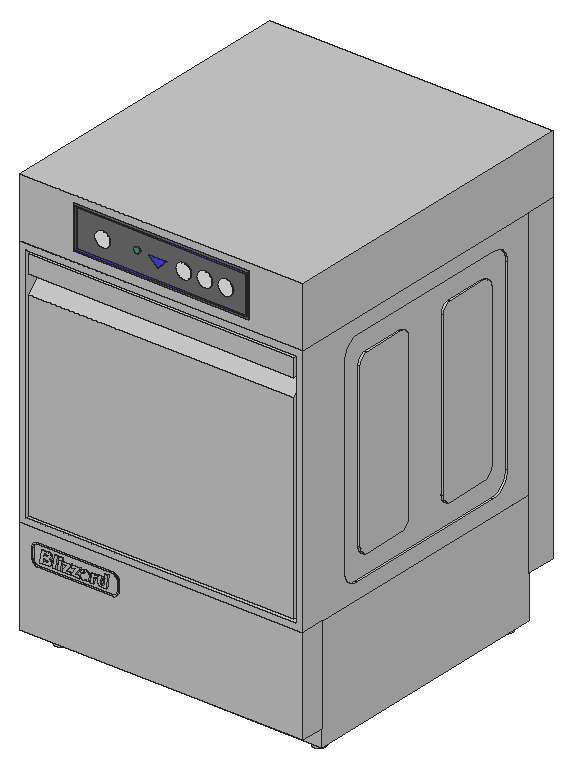
Revit family "QF_BLIZZARD_STORM40", category Specialty Equipment, Revit 2016
Family settings
  Part Type = Normal
  Round Connector Dimension = Use Diameter
  OmniClass Number = 23.40.40.14.31
  OmniClass Title = Cleaning and Disposal Equipment
  Work Plane-Based = No
  Always vertical = Yes
  Cut with Voids When Loaded = No
  Shared = No
  Room Calculation Point = No
Parameters (values of type "STORM40")
  URL = "www.blizzardequipment.com"
  Show Logo [instance] = yes
  Show Clearance [instance] = yes
  Model = "STORM40"
  Manufacturer = "BLIZZARD"
  Legs height [instance] = 170 mm
  Description = "STORM GLASSWASHER 400X400MM"
  Assembly Code = "E1090320"
Reference planes
  plane 1 "Back": y = 0
  plane 2: z = 0
  plane 3 "Left": x = 0
  plane 4 "Right": x = 470
  plane 5 "Front": y = -520
  plane 6 "Top": z = 720
Forms (mm)
  Extrusion 1, solid
    sketch origin (50, 687.394, 40) x (0, -1, 0) y (0, 0, 1)
      loop
        line (687.394, 580.013) -> (687.394, 42.551) -> (737.394, 42.551) -> (737.394, 580.013) -> (687.394, 580.013)
    from -420 to 50
  Extrusion 2, solid
    sketch origin (50, 577.394, 45) x (0, -1, 0) y (0, 0, 1)
      loop
        line (577.394, 675) -> (577.394, 575.013) -> (1097.394, 575.013) -> (1097.394, 675) -> (577.394, 675)
    from -420 to 50
  Extrusion 3, solid
    sketch origin (50, 577.394, -370) x (0, -1, 0) y (0, 0, 1)
      loop
        line (627.394, 570) -> (627.394, 381.179) -> (1057.394, 381.179) -> (1057.394, 570) -> (627.394, 570)
    from -420 to 50
  Extrusion 4, solid
    sketch origin (5.431, 66.549, -127.332) x (0, 1, 0) y (0, 0, 1)
      loop
        line (-193.549, 402.332) -> (-193.549, 672.345)
        arc (-193.549, 672.345) -> (-197.942, 682.952) -> (-208.549, 687.345) r 15
        line (-208.549, 687.345) -> (-278.549, 687.345)
        arc (-278.549, 687.345) -> (-289.155, 682.952) -> (-293.549, 672.345) r 15
        line (-293.549, 672.345) -> (-293.549, 402.332)
        arc (-293.549, 402.332) -> (-289.155, 391.725) -> (-278.549, 387.332) r 15
        line (-278.549, 387.332) -> (-208.549, 387.332)
        arc (-208.549, 387.332) -> (-197.942, 391.725) -> (-193.549, 402.332) r 15
      loop
        line (-366.549, 402.332) -> (-366.549, 672.345)
        arc (-366.549, 672.345) -> (-370.942, 682.952) -> (-381.549, 687.345) r 15
        line (-381.549, 687.345) -> (-451.549, 687.345)
        arc (-451.549, 687.345) -> (-462.155, 682.952) -> (-466.549, 672.345) r 15
        line (-466.549, 672.345) -> (-466.549, 402.332)
        arc (-466.549, 402.332) -> (-462.155, 391.725) -> (-451.549, 387.332) r 15
        line (-451.549, 387.332) -> (-381.549, 387.332)
        arc (-381.549, 387.332) -> (-370.942, 391.725) -> (-366.549, 402.332) r 15
    from -5.431 to -0.431
  Extrusion 5, solid
    sketch origin (464.569, 66.549, -130) x (0, 1, 0) y (0, 0, -1)
      loop
        arc (-193.549, -405) -> (-197.942, -394.393) -> (-208.549, -390) r 15
        line (-208.549, -390) -> (-278.549, -390)
        arc (-278.549, -390) -> (-289.155, -394.393) -> (-293.549, -405) r 15
        line (-293.549, -405) -> (-293.549, -675.013)
        arc (-293.549, -675.013) -> (-289.155, -685.62) -> (-278.549, -690.013) r 15
        line (-278.549, -690.013) -> (-208.549, -690.013)
        arc (-208.549, -690.013) -> (-197.942, -685.62) -> (-193.549, -675.013) r 15
        line (-193.549, -675.013) -> (-193.549, -405)
      loop
        arc (-366.549, -405) -> (-370.942, -394.393) -> (-381.549, -390) r 15
        line (-381.549, -390) -> (-451.549, -390)
        arc (-451.549, -390) -> (-462.155, -394.393) -> (-466.549, -405) r 15
        line (-466.549, -405) -> (-466.549, -675.013)
        arc (-466.549, -675.013) -> (-462.155, -685.62) -> (-451.549, -690.013) r 15
        line (-451.549, -690.013) -> (-381.549, -690.013)
        arc (-381.549, -690.013) -> (-370.942, -685.62) -> (-366.549, -675.013) r 15
        line (-366.549, -675.013) -> (-366.549, -405)
    from -5.431 to -0.431
  Extrusion 6, solid
    sketch origin (0, 0, -130) x (1, 0, 0) y (0, 0, 1)
      loop
        line (0, 750.013) -> (0, 330) -> (470, 330) -> (470, 750.013) -> (0, 750.013)
      loop
        line (10, 740.013) -> (10, 340) -> (460, 340) -> (460, 740.013) -> (10, 740.013)
    from 50 to 520
  Extrusion 7, solid
    sketch origin (0, 100, -135) x (0, 1, 0) y (0, 0, 1)
      loop
        line (-620, 710.013) -> (-610.417, 710.013) -> (-610.417, 728.455) -> (-590.417, 728.455) -> (-590.417, 709.243) -> (-620, 679.66) -> (-620, 350) -> (-580, 350) -> (-580, 740.013) -> (-620, 740.013) -> (-620, 710.013)
    from 15 to 455
  Extrusion 8, solid
    sketch origin (0, 100, 40) x (0, 1, 0) y (0, 0, 1)
      loop
        line (-580, 160) -> (-620, 160) -> (-620, 0) -> (-580, 0) -> (-580, 160)
    from 0 to 470
  Extrusion 9, solid
    sketch origin (0, -335, -130) x (0, 1, 0) y (0, 0, 1)
      loop
        line (-135, 740.013) -> (-145, 740.013) -> (-145, 340) -> (-135, 340) -> (-135, 740.013)
    from 10 to 460
  Extrusion 10, solid
    sketch origin (-164.268, -519.5, -121.974) x (-1, 0, 0) y (0, 0, 1)
      loop
        line (-545, 830) -> (-545, 757.559) -> (-253.536, 757.559) -> (-253.536, 830) -> (-545, 830)
    from -1 to 1
  Extrusion 11, solid, visible <- "Show Logo"
    sketch origin (-177.291, -519.5, -632.856) x (-1, 0, 0) y (0, 0, 1)
      loop
        line (-207.755, 812.856) -> (-331.271, 812.856)
        arc (-331.271, 812.856) -> (-338.67, 809.791) -> (-341.735, 802.392) r 10.464
        line (-341.735, 802.392) -> (-341.735, 787.392)
        arc (-341.735, 787.392) -> (-338.67, 779.993) -> (-331.271, 776.928) r 10.464
        line (-331.271, 776.928) -> (-207.755, 776.928)
        arc (-207.755, 776.928) -> (-200.356, 779.993) -> (-197.291, 787.392) r 10.464
        line (-197.291, 787.392) -> (-197.291, 802.392)
        arc (-197.291, 802.392) -> (-200.356, 809.791) -> (-207.755, 812.856) r 10.464
      loop
        line (-207.755, 810.856) -> (-331.271, 810.856)
        arc (-331.271, 810.856) -> (-337.256, 808.377) -> (-339.735, 802.392) r 8.464
        line (-339.735, 802.392) -> (-339.735, 787.392)
        arc (-339.735, 787.392) -> (-337.256, 781.407) -> (-331.271, 778.928) r 8.464
        line (-331.271, 778.928) -> (-207.755, 778.928)
        arc (-207.755, 778.928) -> (-201.77, 781.407) -> (-199.291, 787.392) r 8.464
        line (-199.291, 787.392) -> (-199.291, 802.392)
        arc (-199.291, 802.392) -> (-201.77, 808.377) -> (-207.755, 810.856) r 8.464
    from -1 to 1
  Extrusion 12, solid, visible <- "Show Logo"
    sketch origin (3.606, 101, -76.918) x (1, 0, 0) y (0, 0, 1)
      loop
        line (30.587, 228.481) -> (44.749, 228.857)
        arc (44.749, 228.857) -> (49.768, 233.478) -> (47.063, 239.741) r 5.894
        arc (47.063, 239.741) -> (48.729, 246.617) -> (42.285, 249.538) r 5.547
        line (42.285, 249.538) -> (33.172, 249.538) -> (30.587, 228.481)
      loop
        line (36.658, 232.978) -> (42.704, 232.978)
        arc (42.704, 232.978) -> (44.625, 234.898) -> (42.704, 236.819) r 1.921
        line (42.704, 236.819) -> (37.13, 236.819) -> (36.658, 232.978)
      loop
        line (37.256, 241.423) -> (42.802, 241.423)
        arc (42.802, 241.423) -> (44.723, 243.344) -> (42.802, 245.264) r 1.921
        line (42.802, 245.264) -> (37.728, 245.264) -> (37.256, 241.423)
      loop
        line (52.105, 228.421) -> (57.105, 228.421) -> (59.698, 249.538) -> (54.698, 249.538) -> (52.105, 228.421)
      loop
        line (60, 228.421) -> (65, 228.421) -> (66.892, 243.832) -> (61.892, 243.832) -> (60, 228.421)
      loop
        line (61.983, 244.575) -> (67.494, 244.575) -> (68.103, 249.538) -> (62.593, 249.538) -> (61.983, 244.575)
      loop
        line (68.784, 239.859) -> (74.946, 239.859) -> (67.947, 231.215) -> (67.947, 228.421) -> (81.379, 228.421) -> (81.379, 232.273) -> (75.019, 232.273) -> (82.004, 240.899) -> (82.004, 243.832) -> (69.272, 243.832) -> (68.784, 239.859)
      loop
        line (83.284, 239.859) -> (89.446, 239.859) -> (82.447, 231.215) -> (82.447, 228.421) -> (95.879, 228.421) -> (95.879, 232.273) -> (89.519, 232.273) -> (96.504, 240.899) -> (96.504, 243.832) -> (83.772, 243.832) -> (83.284, 239.859)
      loop
        arc (103.395, 238.896) -> (105.439, 241.195) -> (106.867, 238.469) r 1.87
        line (106.867, 238.469) -> (101.835, 237.44)
        arc (101.835, 237.44) -> (98.76, 230.604) -> (106.218, 229.849) r 4.62
        line (106.218, 229.849) -> (107.645, 228.421) -> (112.645, 228.421) -> (111.375, 230.622) -> (112.465, 239.505)
        arc (112.465, 239.505) -> (105.449, 244.583) -> (98.432, 239.505) r 7.387
        line (98.432, 239.505) -> (103.395, 238.896)
      loop
        line (114.231, 228.421) -> (119.218, 228.421) -> (120.249, 236.819)
        arc (120.249, 236.819) -> (122.276, 239.388) -> (125.515, 239.859) r 4.419
        line (125.515, 239.859) -> (126.961, 243.832) -> (123.41, 243.832) -> (121.123, 242.512) -> (121.123, 243.832) -> (116.123, 243.832) -> (114.231, 228.421)
      loop
        arc (137.816, 242.746) -> (125.76, 237.684) -> (136.057, 229.626) r 7.581
        line (136.057, 229.626) -> (136.057, 228.421) -> (141.057, 228.421) -> (143.65, 249.538) -> (138.65, 249.538) -> (137.816, 242.746)
      loop
        spline (133.323, 232.229) -> (134.09, 232.277) -> (134.838, 232.6) -> (135.517, 233.178) -> (136.081, 233.97) -> (136.492, 234.924) -> (136.72, 235.972) -> (136.752, 237.045) -> (136.584, 238.069) -> (136.229, 238.975) -> (135.709, 239.7) -> (135.062, 240.195) -> (134.33, 240.426)
        spline (134.33, 240.426) -> (133.564, 240.379) -> (132.816, 240.055) -> (132.136, 239.477) -> (131.572, 238.685) -> (131.162, 237.732) -> (130.933, 236.683) -> (130.901, 235.61) -> (131.069, 234.586) -> (131.425, 233.681) -> (131.944, 232.956) -> (132.592, 232.46) -> (133.323, 232.229)
    from 620 to 622
  Extrusion 13, solid, visible <- "Show Clearance", detail levels coarse
    sketch origin (0, -335, -170) x (0, 1, 0) y (0, 0, 1)
      loop
        line (-185, 385) -> (-185, 775.013)
        arc (-185, 775.013) -> (-460.781, 660.781) -> (-575.013, 385) r 390.013
        line (-575.013, 385) -> (-185, 385)
    from 15 to 455
  Extrusion 14, solid
    sketch origin (-17.519, 129.541, 0) x (1, 0, 0) y (0, 1, 0)
      loop
        circle (37.519, -589.541) r 5
    from 5.109 to 11.179
  Extrusion 15, solid
    sketch origin (-17.519, 129.541, 0) x (1, 0, 0) y (0, 1, 0)
      loop
        circle (37.519, -589.541) r 10
    from 0 to 5.109
  Extrusion 16, solid
    sketch origin (-17.519, -659.541, 0) x (1, 0, 0) y (0, 1, 0)
      loop
        circle (37.519, 589.541) r 5
    from 5.109 to 11.179
  Extrusion 17, solid
    sketch origin (-17.519, -659.541, 0) x (1, 0, 0) y (0, 1, 0)
      loop
        circle (37.519, 589.541) r 10
    from 0 to 5.109
  Extrusion 18, solid
    sketch origin (487.519, 129.541, 0) x (-1, 0, 0) y (0, -1, 0)
      loop
        circle (37.519, 589.541) r 5
    from 5.109 to 11.179
  Extrusion 19, solid
    sketch origin (487.519, 129.541, 0) x (-1, 0, 0) y (0, -1, 0)
      loop
        circle (37.519, 589.541) r 10
    from 0 to 5.109
  Extrusion 20, solid
    sketch origin (487.519, -659.541, 0) x (-1, 0, 0) y (0, -1, 0)
      loop
        circle (37.519, -589.541) r 5
    from 5.109 to 11.179
  Extrusion 21, solid
    sketch origin (487.519, -659.541, 0) x (-1, 0, 0) y (0, -1, 0)
      loop
        circle (37.519, -589.541) r 10
    from 0 to 5.109
  Extrusion 22, void
    sketch origin (8.942, 88.818, -170) x (0, 1, 0) y (0, 0, 1)
      loop
        line (-180.818, 425) -> (-180.818, 735.013)
        arc (-180.818, 735.013) -> (-189.605, 756.227) -> (-210.818, 765.013) r 30
        line (-210.818, 765.013) -> (-493.818, 765.013)
        arc (-493.818, 765.013) -> (-515.032, 756.227) -> (-523.818, 735.013) r 30
        line (-523.818, 735.013) -> (-523.818, 425)
        arc (-523.818, 425) -> (-515.032, 403.787) -> (-493.818, 395) r 30
        line (-493.818, 395) -> (-210.818, 395)
        arc (-210.818, 395) -> (-189.605, 403.787) -> (-180.818, 425) r 30
    from -13.942 to -3.942
  Extrusion 23, void
    sketch origin (461.058, 66.818, -170) x (0, 1, 0) y (0, 0, -1)
      loop
        arc (-158.818, -425) -> (-167.605, -403.787) -> (-188.818, -395) r 30
        line (-188.818, -395) -> (-471.818, -395)
        arc (-471.818, -395) -> (-493.032, -403.787) -> (-501.818, -425) r 30
        line (-501.818, -425) -> (-501.818, -735.013)
        arc (-501.818, -735.013) -> (-493.032, -756.227) -> (-471.818, -765.013) r 30
        line (-471.818, -765.013) -> (-188.818, -765.013)
        arc (-188.818, -765.013) -> (-167.605, -756.227) -> (-158.818, -735.013) r 30
        line (-158.818, -735.013) -> (-158.818, -425)
    from -13.942 to -3.942
  Extrusion 24, solid
    sketch origin (-28.366, 101, -100) x (1, 0, 0) y (0, 0, 1)
      loop
        circle (166.253, 770.64) r 12.423
    from 620 to 622
  Extrusion 25, solid
    sketch origin (106.634, 101, -100) x (1, 0, 0) y (0, 0, 1)
      loop
        circle (166.253, 770.64) r 12.423
    from 620 to 622
  Extrusion 26, solid
    sketch origin (141.634, 101, -100) x (1, 0, 0) y (0, 0, 1)
      loop
        circle (166.253, 770.64) r 12.423
    from 620 to 622
  Extrusion 27, solid
    sketch origin (176.634, 101, -100) x (1, 0, 0) y (0, 0, 1)
      loop
        circle (166.253, 770.64) r 12.423
    from 620 to 622
  Extrusion 28, solid
    sketch origin (29.211, 101, -95.614) x (1, 0, 0) y (0, 0, 1)
      loop
        circle (166.253, 770.64) r 5
    from 620 to 622
  Extrusion 29, solid
    sketch origin (-164.268, -520, -126.974) x (-1, 0, 0) y (0, 0, 1)
      loop
        line (-540, 830) -> (-540, 767.559) -> (-258.536, 767.559) -> (-258.536, 830) -> (-540, 830)
      loop
        line (-542, 832) -> (-542, 765.559) -> (-256.536, 765.559) -> (-256.536, 832) -> (-542, 832)
    from -1 to 1
  Extrusion 30, solid
    sketch origin (-164.268, -520, -156.974) x (-1, 0, 0) y (0, 0, 1)
      loop
        line (-409.732, 832) -> (-394.732, 817) -> (-379.732, 832) -> (-409.732, 832)
    from -1 to 1
Cuts and joins
  Extrusion 23 cuts Extrusion 4
  Extrusion 22, Extrusion 23 cuts Extrusion 6
Lines and regions (mm)
  reference lines
    curve 1: line (0, -183.475, 1485) -> (0, -697.791, 1021.908)
  symbolic lines, style "200-EquipBorder-2D"
    curve 2: line (0, 0, 0) -> (470, 0, 0)
    curve 3: line (0, -520, 0) -> (0, 0, 0)
    curve 4: line (470, -520, 0) -> (0, -520, 0)
    curve 5: line (470, 0, 0) -> (470, -520, 0)
  symbolic lines, style "QF_Door-Drawer Clearances", visible <- "Show Clearance"
    curve 6: line (15, -520, 0) -> (15, -910.013, 0)
    curve 7: line (15, -910.013, 0) -> (455, -910.013, 0)
    curve 8: line (455, -910.013, 0) -> (455, -520, 0)
Dimensions and locks
  plane 3 "Left" to plane 4 "Right" = 470 mm
  plane 5 "Front" to plane 1 "Back" = 520 mm
  plane 1 "Back" to plane 5 "Front" = 520 mm
  plane 4 "Right" to plane 3 "Left" = 470 mm
  plane 6 "Top" to level = 720 mm  (x2)
  aligned and locked: level to plane 2
